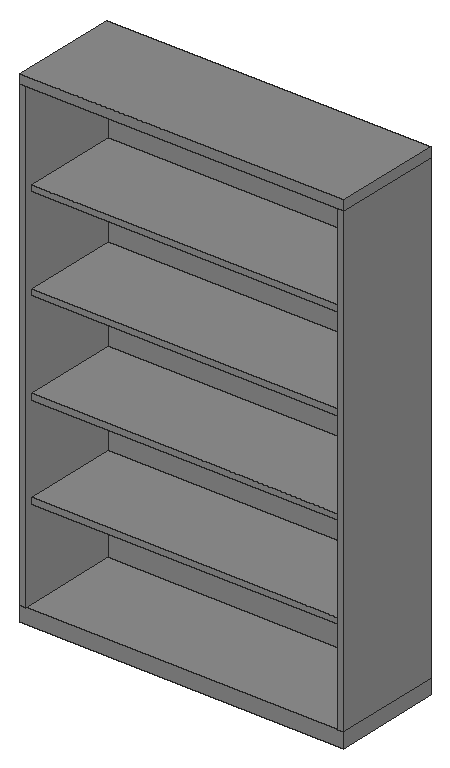
Revit family "Haworth_XSeries_Bookcase", category Furniture Systems, Revit 2019
Family settings
  Round Connector Dimension = Use Diameter
  Part Type = Normal
  OmniClass Number = 23.40.70.14.64.21
  OmniClass Title = Systems Furniture
  Work Plane-Based = No
  Always vertical = Yes
  Cut with Voids When Loaded = No
  Shared = No
  Room Calculation Point = No
Parameters (values of type "14d 42w 63h")
  Warranty = "https://cdn.shopify.com/s/files/1/0561/5304/7249/files/Haworth_North_America_Online_Warranty_2022.pdf?v=1660247284"
  URL - Product = "https://www.haworth.com/na/en/products/active-storage/x-series.html"
  Sustainability Info = "https://www.haworth.com/na/en/expertise/research/sustainability.html"
  Model = "JBCS"  # constant formula
  Max # of Shelves = 4  # constant formula
  Width = 42"
  URL = "http://www.haworth.com/"
  Size = "Verify Final Dim. w/ Haworth"  # constant formula
  Single Shelf = # of Shelves < 2  # no
  Shelves = # of Shelves > 1  # yes
  Shelf Spacing = (Cabinet Height - 1 1/4" - 1 7/8") / (Actaul # of Shelves + 1)  # 12.075"
  Revision Number = "6"  # constant formula
  Min. Width = 29 7/8"  # constant formula
  Max. Width = 47 7/8"  # constant formula
  Min. Height = 27 1/2"  # constant formula
  Max. Height = 63 1/2"  # constant formula
  Manufacturer = "Haworth"  # constant formula
  Drawer Width = Actual Width - 1 1/2"  # 40 3/8"
  Drawer Depth = Actual Depth - 1 1/2"  # 12 1/2"
  Description = "Haworth XSeries Bookcase"  # constant formula
  Custom Size = not(or(Width = 30", Width = 36", Width = 42"))  # no
  Cabinet Height = if(# of Shelves < 2, 27 1/2", if(Actaul # of Shelves = 2, 39 1/2", if(Actaul # of Shelves = 3, 51 1/2", 63 1/2")))  # 63 1/2"
  Cabinet Finish [instance] = Haworth _ Paint _ Graphite
  Author = "Haworth (Hampton), SHAPE Environments, LLC"  # constant formula
  Assembly Code = "E2020200"
  Actual Width = if(Width < Min. Width, Min. Width, if(Width > Max. Width, Max. Width, Width - 1/8"))  # 41 7/8"
  Actual Height = Cabinet Height  # 63 1/2"
  Actual Depth = 14"  # constant formula
  Actaul # of Shelves = if(# of Shelves < 2, 2, if(# of Shelves > 4, 4, # of Shelves))  # 4
  Standard Widths = "30, 36, 42 in."  # constant formula
  # of Shelves = 4
Types (12): name | Width | Single Shelf | Shelves | Shelf Spacing | Drawer Width | Cabinet Height | Actual Width | Actual Height | Actaul # of Shelves | # of Shelves
  14d 36w 27h | 36" | yes | no | 8 1/8" | 34 3/8" | 27 1/2" | 35 7/8" | 27 1/2" | 2 | 1
  14d 36w 51h | 36" | no | yes | 12 3/32" | 34 3/8" | 51 1/2" | 35 7/8" | 51 1/2" | 3 | 3
  14d 36w 63h | 36" | no | yes | 12.075" | 34 3/8" | 63 1/2" | 35 7/8" | 63 1/2" | 4 | 4
  14d 30w 27h | 30" | yes | no | 8 1/8" | 28 3/8" | 27 1/2" | 29 7/8" | 27 1/2" | 2 | 1
  14d 30w 51h | 30" | no | yes | 12 3/32" | 28 3/8" | 51 1/2" | 29 7/8" | 51 1/2" | 3 | 3
  14d 30w 63h | 30" | no | yes | 12.075" | 28 3/8" | 63 1/2" | 29 7/8" | 63 1/2" | 4 | 4
  14d 42w 63h | 42" | no | yes | 12.075" | 40 3/8" | 63 1/2" | 41 7/8" | 63 1/2" | 4 | 4
  14d 42w 51h | 42" | no | yes | 12 3/32" | 40 3/8" | 51 1/2" | 41 7/8" | 51 1/2" | 3 | 3
  14d 42w 27h | 42" | yes | no | 8 1/8" | 40 3/8" | 27 1/2" | 41 7/8" | 27 1/2" | 2 | 1
  14d 30w 39h | 30" | no | yes | 12 1/8" | 28 3/8" | 39 1/2" | 29 7/8" | 39 1/2" | 2 | 2
  14d 36w 39h | 36" | no | yes | 12 1/8" | 34 3/8" | 39 1/2" | 35 7/8" | 39 1/2" | 2 | 2
  14d 42w 39h | 42" | no | yes | 12 1/8" | 40 3/8" | 39 1/2" | 41 7/8" | 39 1/2" | 2 | 2
Reference planes (in)
  plane 1 "Center F/B": y = 0
  plane 2: z = 0
  plane 3 "Center L/R": x = 0
  plane 4 "Left": x = -20.9375
  plane 5 "Right": x = 20.9375
  plane 6 "Back of Drawer": y = -13.25
  plane 7 "Front": y = -14
  plane 8 "Top": z = 63.5
  plane 9 "Bottom of Top": z = 62.25
  plane 10 "Bottom of Cabinet": z = 0
  plane 11 "feet back": y = -2
  plane 12 "feet front": y = -11.25
  plane 13 "Feet Right": x = 18.9375
  plane 14 "Feet Left": x = -18.9375
  plane 15 "Bottom Drawer": z = 1.875
  plane 16: x = -20.1875
  plane 17: x = 20.1875
Forms (in)
  Extrusion 1, solid, material "Haworth _ Paint _ Graphite" <- "Cabinet Finish"
    sketch origin (114.68227, -6.06265, 0) x (1, 0, 0) y (0, 1, 0)
      loop
        line (-135.61977, 6.06265) -> (-135.61977, -7.93735) -> (-134.86977, -7.93735) -> (-134.86977, 5.31265) -> (-94.49477, 5.31265) -> (-94.49477, -7.93735) -> (-93.74477, -7.93735) -> (-93.74477, 6.06265) -> (-135.61977, 6.06265)
    from 1.875 to 62.25
  Extrusion 2, solid, material "Haworth _ Paint _ Graphite" <- "Cabinet Finish"
    sketch origin (0, 0, 0) x (1, 0, 0) y (0, 1, 0)
      loop
        line (-20.9375, 0) -> (-20.9375, -14) -> (20.9375, -14) -> (20.9375, 0) -> (-20.9375, 0)
    from 62.25 to 63.5
  Extrusion 3, solid, material "Haworth _ Paint _ Graphite" <- "Cabinet Finish"
    sketch origin (0, 0, -18.75) x (1, 0, 0) y (0, 1, 0)
      loop
        line (-20.9375, 0) -> (-20.9375, -14) -> (20.9375, -14) -> (20.9375, 0) -> (-20.9375, 0)
    from 18.75 to 20.625
Lines and regions (in)
  Masking region 1
    outline origin (0, 0, 0) x (1, 0, 0) y (0, 1, 0)
      loop
        line (-20.9375, 0) -> (-20.9375, -14) -> (20.9375, -14) -> (20.9375, 0) -> (-20.9375, 0)
Dimensions and locks (in)
  locked: plane 6 "Back of Drawer" to plane 7 "Front" at 0.75
  "Actual Depth": plane 1 "Center F/B" to plane 7 "Front"
  "Actual Width": plane 4 "Left" to plane 5 "Right"
  locked: plane 8 "Top" to plane 9 "Bottom of Top" at 1.25
  equal spacing: group 1, group 3, group 4, group 2  (x3)
  equal spacing: plane 4 "Left", plane 3 "Center L/R", plane 5 "Right"
  locked: plane 13 "Feet Right" to plane 5 "Right" at 2
  locked: plane 4 "Left" to plane 14 "Feet Left" at 2
  locked: plane 12 "feet front" to plane 6 "Back of Drawer" at 2
  locked: plane 1 "Center F/B" to plane 11 "feet back" at 2
  locked: plane 15 "Bottom Drawer" to plane 10 "Bottom of Cabinet" at 1.875
  "Actual Height": plane 8 "Top" to level
  "Cabinet Height": plane 8 "Top" to plane 10 "Bottom of Cabinet"
  locked: plane 16 to plane 4 "Left" at 0.75
  locked: plane 5 "Right" to plane 17 at 0.75
  equal spacing: plane 9 "Bottom of Top", nested 3, plane 15 "Bottom Drawer"
  "Shelf Spacing": nested 1 to plane 15 "Bottom Drawer"
  "Shelf Spacing": plane 9 "Bottom of Top" to nested 2
  aligned and locked: plane 1 "Center F/B" to Extrusion 1 sketch curve
  aligned and locked: Extrusion 1 to plane 4 "Left"
  aligned and locked: Extrusion 1 to plane 5 "Right"
  aligned and locked: plane 9 "Bottom of Top" to Extrusion 1
  aligned and locked: plane 4 "Left" to Extrusion 2 sketch curve
  aligned and locked: plane 1 "Center F/B" to Extrusion 2 sketch curve
  aligned and locked: plane 5 "Right" to Extrusion 2 sketch curve
  aligned and locked: plane 7 "Front" to Extrusion 2 sketch curve
  aligned and locked: plane 8 "Top" to Extrusion 2
  aligned and locked: Extrusion 2 to plane 9 "Bottom of Top"
  aligned and locked: plane 3 "Center L/R" to nested 1
  aligned and locked: level to plane 2
  aligned and locked: plane 5 "Right" to Extrusion 1 sketch curve
  aligned and locked: plane 4 "Left" to Extrusion 1 sketch curve
  aligned and locked: Extrusion 1 sketch curve to plane 16
  aligned and locked: Extrusion 1 sketch curve to plane 17
  aligned and locked: Extrusion 1 to plane 15 "Bottom Drawer"
  aligned and locked: plane 10 "Bottom of Cabinet" to Extrusion 3
  aligned and locked: plane 15 "Bottom Drawer" to Extrusion 3
  aligned and locked: plane 4 "Left" to Extrusion 3 sketch curve
  aligned and locked: plane 5 "Right" to Extrusion 3 sketch curve
  aligned and locked: plane 1 "Center F/B" to Extrusion 3 sketch curve
  aligned and locked: Masking region 1 sketch curve to Extrusion 1
  aligned and locked: nested 2 to plane 6 "Back of Drawer"
  aligned and locked: nested 1 to plane 6 "Back of Drawer"
  aligned and locked: plane 3 "Center L/R" to nested 3
  aligned and locked: nested 3 to plane 6 "Back of Drawer"
  aligned and locked: Extrusion 3 to plane 7 "Front"
  aligned and locked: Masking region 1 to plane 7 "Front"
Automatic sketch dimensions
  plane 1 "Center F/B" to Extrusion 1 sketch curve = 3/4"
  Extrusion 1 sketch curve to plane 7 "Front" = 0"  (x2)
  Extrusion 3 sketch curve to plane 7 "Front" = 0"
  Masking region 1 sketch curve to plane 4 "Left" = 0"
  Masking region 1 sketch curve to plane 5 "Right" = 0"
  Masking region 1 sketch curve to plane 7 "Front" = 0"
Nested families (in)
  nested 1: "Haworth_Shelf" at (0, -12, 13.575), visible <- "Shelves", type "Shelf"
    with Drawer Width 40 3/8", Drawer Depth 12 1/2"
  nested 2: "Haworth_Shelf" at (0, -12, 49.8), visible <- "Shelves", type "Shelf"
    with Drawer Width 40 3/8", Drawer Depth 12 1/2"
  nested 3: "Haworth_Shelf" at (0, -12, 31.6875), visible <- "Single Shelf", type "Shelf"
    with Drawer Width 40 3/8", Drawer Depth 12 1/2"
  nested 4: "Haworth_Shelf" at (0, -12, 25.65), visible <- "Shelves", type "Shelf"
    with Drawer Width 40 3/8", Drawer Depth 12 1/2"
  nested 5: "Haworth_Shelf" at (0, -12, 37.725), visible <- "Shelves", type "Shelf"
    with Drawer Width 40 3/8", Drawer Depth 12 1/2"
Definition of nested family "Haworth_Shelf"
  Parameters
    Front Finish = none
    Drawer Width = 28 3/8"
    Drawer Depth = 12"
    Drawer Finish = none
    Assembly Code = ""
  Reference planes (in)
    plane 1 "Drawer Back": y = 11.25
    plane 2: z = 0
    plane 3 "Center L/R": x = 0
    plane 4 "Drawer Front": y = -0.75
    plane 5 "Left": x = -14.1875
    plane 6 "Right": x = 14.1875
    plane 7 "Top": z = 0.75
    plane 8 "Center Elevation": z = 0.375
  Forms (in)
    Extrusion 1, solid, material <- "Drawer Finish"
      sketch origin (-14.1875, 0, 2.25) x (0, 1, 0) y (0, 0, 1)
        loop
          line (11.25, -1.5) -> (-0.75, -1.5) -> (-0.75, -2.25) -> (11.25, -2.25) -> (11.25, -1.5)
      from 0 to 28.375
  Dimensions and locks (in)
    equal spacing: plane 5 "Left", plane 3 "Center L/R", plane 6 "Right"
    "Drawer Width": plane 5 "Left" to plane 6 "Right"
    "Drawer Depth": plane 1 "Drawer Back" to plane 4 "Drawer Front"
    plane 7 "Top" to level = 3/4"
    equal spacing: plane 7 "Top", plane 8 "Center Elevation", level
    aligned and locked: Extrusion 1 to plane 6 "Right"
    aligned and locked: plane 1 "Drawer Back" to Extrusion 1 sketch curve
    aligned and locked: plane 7 "Top" to Extrusion 1 sketch curve
    aligned and locked: level to Extrusion 1 sketch curve
    aligned and locked: Extrusion 1 sketch curve to plane 4 "Drawer Front"
